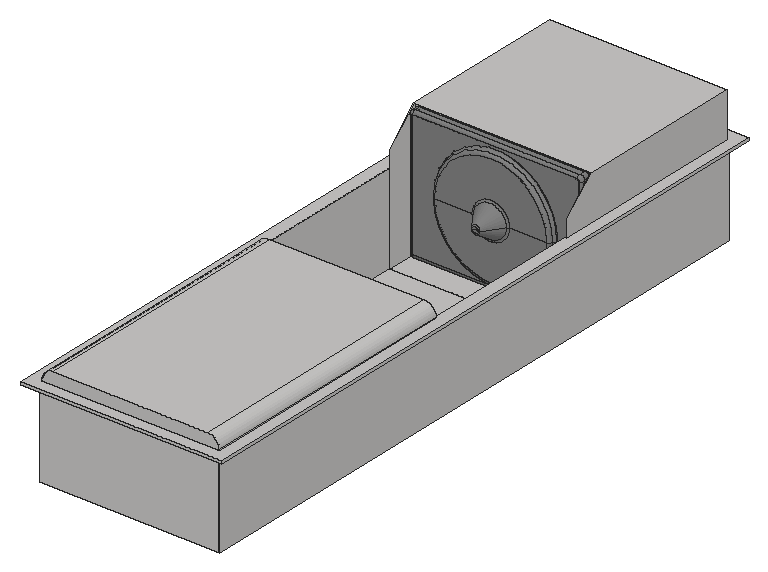
Revit family "Towel_Dispensers-Bradley_Corp-236", category Specialty Equipment, host Face, Revit 2012
Parameters (values of type "Recessed")
  Width = 17 1/8"
  Waste Recepticle Depth = 8 3/4"
  Warranty Information = "Complete unit, excepting mirrors warranted for one year.\r\n Stainless steel mirror frames for fifteen years.\r\n Plate glass mirrors for fifteen years.\r\n This warranty does not cover installation or any other labor charges and does not apply to any units,\r\n which have been damaged by accident, abuse, improper installation, improper maintenance, or altered in any way."
  Version = "2.0"
  URL = "http://www.bradleycorp.com/"
  Type Comments = "Recessed"
  Towel Lip Material = Plastic - Bradley Corp - ABS - Black
  Technical Data = ""
  Void Depth = 7 1/2"
  Specifications URL = "http://www.bradleycorp.com/3partspec"
  Push Flap Visibilty = 2"
  Push Flap Stamp Visibility = no
  Product Tech Data URL - Spanish = ""
  Product Tech Data URL - French = ""
  Product Tech Data URL - English = "http://bradleycorp.com/download/148/8103.pdf"
  OmniClass Table 23 Title = "Paper Towel Dispenser, Disposal Units"
  OmniClass Table 23 Number = "23-31 25 19 11"
  OmniClass Table 21 Title = "Toilet, Bath, and Laundry Accessories"
  OmniClass Table 21 Number = "21-03 10 90 40"
  Modeling Code = ""
  Model = "236-000000"
  MasterFormat Title = "Toilet Accessories"
  MasterFormat Number = "10 28 13. 13"
  Manufacturer = "Bradley Corporation"
  Industry Standards = ""
  Hinged Cover Visibility = no
  Height = 56"
  Fire Rating = "n/a"
  Description = "Towel Dispenser/Waste Receptacle"
  Depth of which projects = 4"
  Depth = 11 1/2"
  Default Elevation = 48"
  Copyright = "This Model Data is Property of Bradley Corporation"
  Cabinet Material = Bradley Corp Stainless Steel - Satin
  Buy American Act = "Yes"
  Assembly Code = "C1030200"
  ADA Compliant = "Yes"
Types (7): name | Waste Recepticle Depth | Type Comments | Void Depth | Model | Hinged Cover Visibility | Depth of which projects | Depth
  (no name) | 8 3/4" | "Recessed" | 7 1/2" | "236-000000" | no | 4" | 11 1/2"
  Recessed | 8 3/4" | "Recessed" | 7 1/2" | "236-000000" | no | 4" | 11 1/2"
  Semi-Recessed | 8 3/4" | "Semi-Recessed" | 3 5/8" | "236-100000" | no | 7 7/8" | 11 1/2"
  Surface-Mounted | 8 3/4" | "Surface-Mounted" | 1/128" | "236-110000" | no | 11 1/2" | 11 1/2"
  Recessed w/18 Gallon Waste | 13" | "Recessed" | 7 1/2" | "236-360000" | yes | 5 1/2" | 13"
  Semi-Recessed w/18 Gallon Waste | 13" | "Semi-Recessed" | 3 5/8" | "236-103600" | yes | 9 3/8" | 13"
  Surface-Mounted w/18 Gallon Waste | 13" | "Surface-Mounted" | 1/128" | "236-113600" | yes | 13" | 13"
Reference planes (in)
  plane 1 "Center (Front/Back)": y = 0
  plane 2: z = 0
  plane 3 "Center (Left/Right)": x = 0
  plane 4 "Waste Recepticle Front": z = 1.25
  plane 5 "Top": y = 28
  plane 6 "Left": x = 8.5625
  plane 7 "Bottom": y = -28
  plane 8 "Right": x = -8.5625
  plane 9 "Back": z = -7.5
  plane 10 "Panel": z = 0.25
  plane 11: z = -7.5
  plane 12 "Waste Top": y = -4
  plane 13: z = 0
  plane 14 "Door Bottom": y = 11
  plane 15 "Cupboard Front": z = 4
  plane 16 "Front": z = 4
  plane 17 "Dispenser Placer": z = -1.75
  plane 18 "Center (Elevation)": y = 9.70308
Forms (in)
  Extrusion 1, solid, material "Bradley Corp Stainless Steel - Satin" <- "Cabinet Material", detail levels medium+fine
    sketch origin (0, 0, 0) x (1, 0, 0) y (0, 1, 0)
      loop
        line (-8.5625, 28) -> (-8.5625, -28) -> (8.5625, -28) -> (8.5625, 28) -> (-8.5625, 28)
      loop
        line (-7.5625, 27) -> (-7.5625, -27) -> (7.5625, -27) -> (7.5625, 27) -> (-7.5625, 27)
    from 0 to 0.25
  Extrusion 2, void
    sketch origin (0, 0, 0) x (1, 0, 0) y (0, 1, 0)
      loop
        line (-7.875, 27.25) -> (-7.875, -27.25) -> (7.875, -27.25) -> (7.875, 27.25) -> (-7.875, 27.25)
    from 0 to -7.5
  Extrusion 3, solid, material "Bradley Corp Stainless Steel - Satin" <- "Cabinet Material", detail levels medium+fine
    sketch origin (0, 0, 0) x (1, 0, 0) y (0, 1, 0)
      loop
        line (-7.5625, -27) -> (7.5625, -27) -> (7.5625, 27) -> (-7.5625, 27) -> (-7.5625, -27)
      loop
        line (-7.625, -27.0625) -> (7.625, -27.0625) -> (7.625, 27.0625) -> (-7.625, 27.0625) -> (-7.625, -27.0625)
    from 0 to -7.5
  Extrusion 4, solid, material "Bradley Corp Stainless Steel - Satin" <- "Cabinet Material", detail levels medium+fine
    sketch origin (0, 0, 0) x (1, 0, 0) y (0, 1, 0)
      loop
        line (-7.625, 27.0625) -> (-7.625, -27.0625) -> (7.625, -27.0625) -> (7.625, 27.0625) -> (-7.625, 27.0625)
    from -7.5 to -7.4375
  Extrusion 5, solid, material "Bradley Corp Stainless Steel - Satin" <- "Cabinet Material", detail levels coarse+medium
    sketch origin (0, 0, 0) x (1, 0, 0) y (0, 0, 1)
      loop
        line (-7.5625, -7.4375) -> (7.5625, -7.4375) -> (7.5625, 1.25) -> (-7.5625, 1.25) -> (-7.5625, -7.4375)
      loop
        line (-7.5, 1.1875) -> (-7.5, -7.375) -> (7.5, -7.375) -> (7.5, 1.1875) -> (-7.5, 1.1875)
    from 4 to 27
  Extrusion 6, solid, material "Bradley Corp Stainless Steel - Satin" <- "Cabinet Material", detail levels coarse+medium
    sketch origin (0, 0, 0) x (1, 0, 0) y (0, 0, 1)
      loop
        line (-7.5625, 1.25) -> (-7.5625, -7.4375) -> (7.5625, -7.4375) -> (7.5625, 1.25) -> (-7.5625, 1.25)
    from 26.9375 to 27
  Extrusion 7, solid, material "Bradley Corp Stainless Steel - Satin" <- "Cabinet Material", detail levels fine
    sketch origin (0, 0, 0) x (0, 1, 0) y (0, 0, 1)
      loop
        line (12.56915, 4) -> (10, 1.599) -> (10, -7.5) -> (27, -7.5) -> (27, 4) -> (12.56915, 4)
    from 7.5625 to -7.5625
  Extrusion 8, void
    sketch origin (0, 0, 4) x (0, 1, 0) y (-1, 0, 0)
      loop
        line (12.56915, 7.5) -> (10, 7.5) -> (10, -7.5) -> (12.56915, -7.5) -> (12.56915, 7.5)
    from 0 to -11.4375
  Extrusion 9, solid, material "Bradley Corp Stainless Steel - Satin" <- "Cabinet Material", detail levels coarse+medium
    sketch origin (0, 0, 4) x (0, 1, 0) y (-1, 0, 0)
      loop
        line (27, 7.5625) -> (12.56915, 7.5625) -> (12.56915, -7.5625) -> (27, -7.5625) -> (27, 7.5625)
    from 0 to -11.4375
  Revolve 10, solid, material "Plastic - Bradley Corp - ABS - Black" <- "Towel Lip Material", detail levels fine
    sketch origin (0, 22.66385, -1.75) x (0, 1, 0) y (-1, 0, 0)
      loop
        line (-10.0947, 0) -> (-12.96077, 0) -> (-12.96077, -0.28626)
        arc (-12.96077, -0.28626) -> (-12.94435, -0.32147) -> (-12.91688, -0.34893) r 0.11185
        line (-12.91688, -0.34893) -> (-11.4513, -1.37515)
        arc (-11.4513, -1.37515) -> (-11.37301, -1.4621) -> (-11.3447, -1.57564) r 0.24184
        line (-11.3447, -1.57564) -> (-11.3447, -4.74912)
        arc (-11.3447, -4.74912) -> (-11.26602, -4.9267) -> (-11.08597, -4.99957) r 0.25886
        arc (-11.08597, -4.99957) -> (-10.91231, -5.07329) -> (-10.8447, -5.24942) r 0.24142
        line (-10.8447, -5.24942) -> (-10.0947, -5.24942) -> (-10.0947, 0)
      axis (-10.0947, 0) -> (-12.96077, 0)
    angle from 0 to 360
  Sweep 11, solid, material "Plastic - Bradley Corp - ABS - Black" <- "Towel Lip Material", detail levels fine
    path origin (0, 11, 0) x (-1, 0, 0) y (0, 0, 1)
      loop
        line (7.00015, 3.8) -> (-7.00015, 3.8)
        arc (-7.00015, 3.8) -> (-7.17682, 3.72682) -> (-7.25, 3.55015) r 0.24985
        line (-7.25, 3.55015) -> (-7.25, -6.97015)
        arc (-7.25, -6.97015) -> (-7.18268, -7.13268) -> (-7.02015, -7.2) r 0.22985
        line (-7.02015, -7.2) -> (7.02015, -7.2)
        arc (7.02015, -7.2) -> (7.18268, -7.13268) -> (7.25, -6.97015) r 0.22985
        line (7.25, -6.97015) -> (7.25, 3.55015)
        arc (7.25, 3.55015) -> (7.17682, 3.72682) -> (7.00015, 3.8) r 0.24985
    profile origin (0, 11, 3.8) x (0, 0, -1) y (0, 1, 0)
      loop
        line (-0.125, 1.56915) -> (-0.10723, 1.06043)
        arc (-0.10723, 1.06043) -> (-0.03658, 0.88985) -> (0.134, 0.81919) r 0.24123
        line (0.134, 0.81919) -> (0.134, 1.56915) -> (-0.125, 1.56915)
  Extrusion 12, solid, material "Plastic - Bradley Corp - ABS - Black", detail levels fine
    sketch origin (0, 11, 0) x (-1, 0, 0) y (0, 0, 1)
      loop
        line (7.00015, 3.666) -> (-7.00015, 3.666)
        arc (-7.00015, 3.666) -> (-7.08207, 3.63207) -> (-7.116, 3.55015) r 0.11585
        line (-7.116, 3.55015) -> (-7.116, -6.97015)
        arc (-7.116, -6.97015) -> (-7.08793, -7.03793) -> (-7.02015, -7.066) r 0.09585
        line (-7.02015, -7.066) -> (7.02015, -7.066)
        arc (7.02015, -7.066) -> (7.08793, -7.03793) -> (7.116, -6.97015) r 0.09585
        line (7.116, -6.97015) -> (7.116, 3.55015)
        arc (7.116, 3.55015) -> (7.08207, 3.63207) -> (7.00015, 3.666) r 0.11585
    from 0.81915 to 1.56915
  Extrusion 13, solid, material "Plastic - Bradley Corp - ABS - Black" <- "Towel Lip Material", detail levels medium
    sketch origin (0, 11, 0) x (-1, 0, 0) y (0, 0, 1)
      loop
        line (7.375, 3.925) -> (-7.375, 3.925) -> (-7.375, -7.325) -> (7.375, -7.325) -> (7.375, 3.925)
    from 0.81915 to 1.56915
  Revolve 14, solid, material "Plastic - Bradley Corp - ABS - Black" <- "Towel Lip Material", detail levels coarse+medium
    sketch origin (0, 22.66385, -1.75) x (0, 1, 0) y (-1, 0, 0)
      loop
        line (-12.96077, 0) -> (-12.96077, -0.28626) -> (-11.3447, -1.5) -> (-11.3447, -5) -> (-10.0947, -5) -> (-10.0947, 0) -> (-12.96077, 0)
      axis (-10.0947, 0) -> (-12.96077, 0)
    angle from 0 to 360
  Extrusion 15, solid, material "Bradley Corp Stainless Steel - Satin" <- "Cabinet Material", detail levels fine
    sketch origin (0, -28, 0) x (1, 0, 0) y (0, 0, 1)
      loop
        line (-7.5625, 0.25) -> (-7.5625, -7.4375) -> (7.5625, -7.4375) -> (7.5625, 0.25)
        arc (7.5625, 0.25) -> (7.26961, 0.95711) -> (6.5625, 1.25) r 1
        line (6.5625, 1.25) -> (-6.5625, 1.25)
        arc (-6.5625, 1.25) -> (-7.26961, 0.95711) -> (-7.5625, 0.25) r 1
    from -1 to -24
  Extrusion 16, void
    sketch origin (0, -28, 0) x (1, 0, 0) y (0, 0, 1)
      loop
        line (-7.5, 0.25) -> (-7.5, -7.375) -> (7.5, -7.375) -> (7.5, 0.25)
        arc (7.5, 0.25) -> (7.22541, 0.91291) -> (6.5625, 1.1875) r 0.9375
        line (6.5625, 1.1875) -> (-6.5625, 1.1875)
        arc (-6.5625, 1.1875) -> (-7.22541, 0.91291) -> (-7.5, 0.25) r 0.9375
    from -1.0625 to -28
Cuts and joins
  Extrusion 16 cuts Extrusion 1
  Extrusion 16 cuts Extrusion 3
  Extrusion 16 cuts Extrusion 4
  joined: Extrusion 1, Extrusion 3, Extrusion 4
  joined: Extrusion 5, Extrusion 6
  Extrusion 8 cuts Extrusion 7
  Extrusion 16 cuts Extrusion 15
Lines and regions (in)
  Masking region 1
    outline origin (0, -4, 0) x (0, 0, -1) y (-1, 0, 0)
      loop
        line (-0.25, -8.5625) -> (0, -8.5625) -> (0, 8.5625) -> (-0.25, 8.5625) -> (-0.25, 7.5625) -> (-4, 7.5625) -> (-4, -7.5625) -> (-0.25, -7.5625) -> (-0.25, -8.5625)
  Masking region 2
    outline origin (0, 0, 0) x (0, 1, 0) y (0, 0, 1)
      loop
        line (-28, 0.25) -> (-28, 0) -> (28, 0) -> (28, 0.25) -> (27, 0.25) -> (27, 4) -> (12.56915, 4) -> (10, 1.599) -> (10, 0.25) -> (-4, 0.25) -> (-4, 1.25) -> (-27, 1.25) -> (-27, 0.25) -> (-28, 0.25)
  Masking region 3
    outline origin (0, 22.66385, -1.75) x (0, 1, 0) y (-1, 0, 0)
      loop
        line (5.33615, 8.5625) -> (-50.66385, 8.5625) -> (-50.66385, -8.5625) -> (5.33615, -8.5625) -> (5.33615, 8.5625)
  model lines, detail levels medium+fine
    curve 1: line (8.5625, 28, 0) -> (-8.5625, 28, 0)
    curve 2: line (-8.5625, 28, 0) -> (-8.5625, -28, 0)
    curve 3: line (-8.5625, -28, 0) -> (8.5625, -28, 0)
    curve 4: line (8.5625, -28, 0) -> (8.5625, 28, 0)
    curve 5: circle (-6.7175, 19.738, 4) r 0.46051 normal (0, 0, 1)
  model lines, detail levels fine
    curve 6: circle (-6.7175, 19.738, 4) r 0.29903 normal (0, 0, 1)
  symbolic lines
    curve 7: line (7.5625, -4, 0.25) -> (-7.5625, -4, 0.25)
    curve 14: line (7.5625, -4, -1.75) -> (-7.5625, -4, -1.75)
  symbolic lines, detail levels medium+fine
    curve 8: line (0, -4, 0.25) -> (0, -27, 0.25)
    curve 9: line (0, 27, 0.25) -> (0, 10, 0.25)
    curve 10: line (-7.5625, 27, -1.75) -> (7.5625, 27, -1.75)
    curve 11: line (-7.5625, -27, -1.75) -> (-7.5625, 27, -1.75)
    curve 12: line (7.5625, -27, -1.75) -> (-7.5625, -27, -1.75)
    curve 13: line (7.5625, 27, -1.75) -> (7.5625, -27, -1.75)
    curve 15: arc (-5.24878, 11.81915, -1.75) -> (-5.0753, 11.7539, -1.75) -> (-5, 11.58454, -1.75) r 0.24006
    curve 16: arc (-5, 11.58454, -1.75) -> (-4.92929, 11.40011, -1.75) -> (-4.74912, 11.31915, -1.75) r 0.25902
    curve 17: line (-4.74912, 11.31915, -1.75) -> (-1.5, 11.31915, -1.75)
    curve 18: line (-1.5, 11.31915, -1.75) -> (-0.28626, 9.70308, -1.75)
    curve 19: line (-0.28626, 9.70308, -1.75) -> (0.28626, 9.70308, -1.75)
    curve 20: line (0.28626, 9.70308, -1.75) -> (1.5, 11.31915, -1.75)
    curve 21: line (1.5, 11.31915, -1.75) -> (4.74912, 11.31915, -1.75)
    curve 22: arc (4.74912, 11.31915, -1.75) -> (4.93385, 11.39994, -1.75) -> (4.99995, 11.59041, -1.75) r 0.2516
    curve 23: arc (4.99995, 11.59041, -1.75) -> (5.06695, 11.75216, -1.75) -> (5.22869, 11.81915, -1.75) r 0.22874
    curve 24: circle (-6.7175, 19.738, -1.75) r 0.46051 normal (0, 0, 1)
    curve 33: line (-7.375, 12.56915, -1.75) -> (-7.375, 11.81915, -1.75)
    curve 34: line (7.375, 11.81915, -1.75) -> (7.375, 12.56915, -1.75)
    curve 35: line (-7.5625, 12.56915, -1.75) -> (7.5625, 12.56915, -1.75)
    curve 36: line (-7.375, 12.56915, -1.75) -> (-7.375, 11.81915, -1.75)
    curve 37: line (-7.375, 11.81915, -1.75) -> (-5.24878, 11.81915, -1.75)
    curve 38: line (7.375, 11.81915, -1.75) -> (5.22869, 11.81915, -1.75)
  symbolic lines, detail levels fine
    curve 25: circle (-6.7175, 19.738, -1.75) r 0.29903 normal (0, 0, 1)
  symbolic lines, visible <- "Hinged Cover Visibility", detail levels medium+fine
    curve 26: arc (-6.5596, -4, 1.2503) -> (-4.2666, -4, 2.20009) -> (-3.31681, -4, 4.49309) r 3.24279
    curve 27: line (-3.31681, -4, 4.49309) -> (-3.31681, -4, 3.98708)
    curve 28: line (-6.5596, -4, 1.2503) -> (10.81304, -4, 1.2503)
    curve 29: arc (7.5625, -4, 4.5) -> (8.5144, -4, 2.2019) -> (10.8125, -4, 1.25) r 3.25
    curve 30: line (7.5625, -4, 4.5) -> (7.5625, -4, 4)
  symbolic lines, detail levels coarse
    curve 31: line (0, 9.70308, -1.75) -> (0, 12.56915, -1.75)
    curve 32: line (-7.5625, 12.56915, -1.75) -> (7.5625, 12.56915, -1.75)
Dimensions and locks (in)
  "Width": plane 8 "Right" to plane 6 "Left"
  "Height": plane 5 "Top" to plane 7 "Bottom"
  equal spacing: plane 7 "Bottom", plane 1 "Center (Front/Back)", plane 5 "Top"
  equal spacing: plane 8 "Right", plane 3 "Center (Left/Right)", plane 6 "Left"
  plane 8 "Right" to Extrusion 1 sketch curve = 1"
  Extrusion 1 sketch curve to plane 6 "Left" = 1"
  Extrusion 1 sketch curve to plane 7 "Bottom" = 1"
  locked: Extrusion 2 sketch curve to Extrusion 2 sketch curve at 15.75
  equal spacing: Extrusion 2 sketch curve, plane 3 "Center (Left/Right)", Extrusion 2 sketch curve
  locked: Extrusion 2 sketch curve to Extrusion 2 sketch curve at 54.5
  equal spacing: Extrusion 2 sketch curve, plane 1 "Center (Front/Back)", Extrusion 2 sketch curve
  Extrusion 3 sketch curve to Extrusion 3 sketch curve = 1/16"  (x3)
  locked: Extrusion 4 to plane 9 "Back" at 0.0625
  "Void Depth": cut or joined group of Extrusion 1, Extrusion 3, Extrusion 4, Extrusion 16 to plane 2
  "Void Depth": plane 2 to plane 11
  plane 8 "Right" to Extrusion 5 sketch curve = 1"
  plane 6 "Left" to Extrusion 5 sketch curve = 1"
  locked: Extrusion 5 sketch curve to plane 9 "Back" at 0.0625
  locked: plane 4 "Waste Recepticle Front" to Extrusion 5 sketch curve at 0.0625
  locked: Extrusion 5 sketch curve to plane 9 "Back" at 0.125
  locked: plane 8 "Right" to Extrusion 5 sketch curve at 1.0625
  locked: plane 6 "Left" to Extrusion 5 sketch curve at 1.0625
  locked: plane 12 "Waste Top" to plane 7 "Bottom" at 24
  locked: plane 10 "Panel" to plane 9 "Back" at 7.75
  locked: plane 10 "Panel" to plane 13 at 0.25
  locked: plane 15 "Cupboard Front" to plane 9 "Back" at 11.5
  locked: plane 5 "Top" to Extrusion 7 sketch curve at 1
  locked: plane 5 "Top" to plane 14 "Door Bottom" at 17
  locked: plane 14 "Door Bottom" to Extrusion 7 sketch curve at 1
  locked: Extrusion 1 sketch curve to plane 5 "Top" at 1
  locked: Extrusion 3 sketch curve to Extrusion 3 sketch curve at 0.0625
  Extrusion 8 sketch curve to plane 14 "Door Bottom" to Extrusion 8 sketch curve = 1" locked, 1.56915" locked
  locked: plane 8 "Right" to Extrusion 8 sketch curve at 1.0625
  locked: Extrusion 8 sketch curve to plane 6 "Left" at 1.0625
  locked: Extrusion 8 to plane 9 "Back" at 0.0625
  "Depth": plane 16 "Front" to plane 9 "Back"
  "Depth of which projects": plane 16 "Front" to plane 2
  "Waste Recepticle Depth": plane 4 "Waste Recepticle Front" to plane 9 "Back"
  locked: Extrusion 9 sketch curve to plane 5 "Top" at 1
  locked: Extrusion 9 sketch curve to plane 14 "Door Bottom" at 1.56915
  locked: plane 8 "Right" to Extrusion 9 sketch curve at 1
  locked: Extrusion 9 sketch curve to plane 6 "Left" at 1
  equal spacing: plane 15 "Cupboard Front", plane 17 "Dispenser Placer", plane 9 "Back"
  equal spacing: Sweep 11 sketch curve, plane 3 "Center (Left/Right)", Sweep 11 sketch curve
  locked: Sweep 11 sketch curve to plane 17 "Dispenser Placer" at 5.55
  locked: Sweep 11 sketch curve to Sweep 11 sketch curve at 11
  locked: plane 8 "Right" to Extrusion 15 sketch curve at 1
  locked: plane 6 "Left" to Extrusion 15 sketch curve at 1
  locked: Extrusion 15 sketch curve to plane 9 "Back" at 0.0625
  locked: plane 4 "Waste Recepticle Front" to Extrusion 15 sketch curve
  locked: plane 4 "Waste Recepticle Front" to Extrusion 16 sketch curve at 0.0625
  locked: Extrusion 16 sketch curve to plane 9 "Back" at 0.125
  locked: plane 8 "Right" to Extrusion 16 sketch curve at 1.0625
  plane 6 "Left" to Extrusion 16 sketch curve = 1 1/16"
  locked: Extrusion 16 to Extrusion 15 at 0.0625
  radius of Extrusion 15 sketch curve = 1"  (x2)
  radius of Extrusion 16 sketch curve = 15/16"  (x2)
  aligned and locked: plane 2 to host face
  aligned and locked: level to host face
  aligned and locked: plane 8 "Right" to Extrusion 1 sketch curve
  aligned and locked: Extrusion 1 sketch curve to plane 5 "Top"
  aligned and locked: plane 7 "Bottom" to Extrusion 1 sketch curve
  aligned and locked: Extrusion 1 sketch curve to plane 6 "Left"
  aligned and locked: Extrusion 1 to plane 2
  aligned and locked: plane 10 "Panel" to Extrusion 1
  aligned and locked: Extrusion 3 sketch curve to Extrusion 1  (x3)
  aligned and locked: Extrusion 3 to plane 2
  aligned and locked: Extrusion 4 sketch curve to cut or joined group of Extrusion 1, Extrusion 3, Extrusion 4, Extrusion 16  (x3)
  aligned and locked: cut or joined group of Extrusion 1, Extrusion 3, Extrusion 4, Extrusion 16 to Extrusion 4 sketch curve
  aligned and locked: Extrusion 4 to plane 9 "Back"
  aligned and locked: Extrusion 2 to plane 11
  aligned and locked: plane 4 "Waste Recepticle Front" to Extrusion 5 sketch curve
  aligned and locked: Extrusion 5 to cut or joined group of Extrusion 1, Extrusion 3, Extrusion 4, Extrusion 16
  aligned and locked: Extrusion 6 sketch curve to Extrusion 5  (x3)
  aligned and locked: Extrusion 6 sketch curve to cut or joined group of Extrusion 1, Extrusion 3, Extrusion 4, Extrusion 16
  aligned and locked: Extrusion 6 to cut or joined group of Extrusion 1, Extrusion 3, Extrusion 4, Extrusion 16
  aligned and locked: plane 12 "Waste Top" to cut or joined group of Extrusion 5, Extrusion 6
  aligned and locked: curve 3 to plane 13
  aligned and locked: plane 13 to curve 1
  aligned and locked: curve 2 to plane 13
  aligned and locked: curve 4 to plane 13
  aligned and locked: Extrusion 7 sketch curve to plane 15 "Cupboard Front"
  aligned and locked: plane 9 "Back" to Extrusion 7 sketch curve
  aligned and locked: Extrusion 3 sketch curve to cut or joined group of Extrusion 1, Extrusion 3, Extrusion 4, Extrusion 16
  aligned and locked: Extrusion 9 to cut or joined group of Extrusion 1, Extrusion 3, Extrusion 4, Extrusion 16
  aligned and locked: plane 15 "Cupboard Front" to Extrusion 9
  aligned and locked: Extrusion 12 to Revolve 10
  aligned and locked: cut or joined group of Extrusion 7, Extrusion 8 to Extrusion 12
  aligned and locked: Extrusion 13 sketch curve to Sweep 11  (x4)
  aligned and locked: Extrusion 13 to Revolve 10
  aligned and locked: cut or joined group of Extrusion 7, Extrusion 8 to Extrusion 13
  aligned and locked: cut or joined group of Extrusion 1, Extrusion 3, Extrusion 4, Extrusion 16 to Extrusion 15
  aligned and locked: plane 12 "Waste Top" to Extrusion 15
  aligned and locked: Extrusion 16 to plane 1 "Center (Front/Back)"
  aligned and locked: Masking region 1 sketch curve to cut or joined group of Extrusion 1, Extrusion 3, Extrusion 4, Extrusion 16  (x3)
  aligned and locked: host face to Masking region 1 sketch curve
  aligned and locked: Masking region 2 sketch curve to cut or joined group of Extrusion 1, Extrusion 3, Extrusion 4, Extrusion 16  (x2)
  aligned and locked: cut or joined group of Extrusion 1, Extrusion 3, Extrusion 4, Extrusion 16 to Masking region 2 sketch curve  (x2)
  aligned and locked: Masking region 2 sketch curve to cut or joined group of Extrusion 5, Extrusion 6  (x2)
  aligned and locked: cut or joined group of Extrusion 5, Extrusion 6 to Masking region 2 sketch curve
  aligned and locked: Masking region 2 sketch curve to cut or joined group of Extrusion 7, Extrusion 8  (x2)
  aligned and locked: Masking region 2 sketch curve to Extrusion 9
  aligned and locked: Extrusion 9 to Masking region 2 sketch curve
  aligned and locked: host face to Masking region 2 sketch curve
  aligned and locked: Masking region 3 sketch curve to curve 1
  aligned and locked: Masking region 3 sketch curve to curve 2
  aligned and locked: Masking region 3 sketch curve to curve 3
  aligned and locked: Masking region 3 sketch curve to curve 4
  aligned and locked: Masking region 1 sketch curve to cut or joined group of Extrusion 5, Extrusion 6
  aligned and locked: Masking region 1 sketch curve to plane 15 "Cupboard Front"
  aligned and locked: Masking region 1 sketch curve to curve 7
Automatic sketch dimensions
  host sketch curve to host sketch curve = 23.29128"
  host sketch curve to host sketch curve = 67.82107"
  curve 1 to Extrusion 1 = 0"  (x2)
  curve 2 to Extrusion 1 = 0"  (x2)
  curve 3 to Extrusion 1 = 0"  (x2)
  curve 4 to Extrusion 1 = 0"  (x2)
  plane 14 "Door Bottom" to Extrusion 7 sketch curve = 1.56915"
  plane 10 "Panel" to Extrusion 7 sketch curve = 1.349"
  curve 5 to curve 6 = 0"  (x2)
  curve 6 to plane 8 "Right" = 1.845"
  curve 6 to plane 5 "Top" = 8.262"
  Revolve 10 sketch curve to plane 3 "Center (Left/Right)" = 0"  (x2)
  Revolve 10 sketch curve to plane 14 "Door Bottom" = 2.93085"
  Revolve 10 sketch curve to plane 14 "Door Bottom" = 1.29692"
  Revolve 10 sketch curve to Revolve 10 sketch curve = 0.04388"
  Revolve 10 sketch curve to Revolve 10 sketch curve = 0.10804"
  plane 14 "Door Bottom" to Revolve 10 sketch curve = 0.07731"
  plane 14 "Door Bottom" to Revolve 10 sketch curve = 0.21255"
  Revolve 10 sketch curve to Revolve 10 sketch curve = 0.10661"
  Revolve 10 sketch curve to Revolve 10 sketch curve = 0.25872"
  Revolve 10 sketch curve to Revolve 10 sketch curve = 0.24128"
  Revolve 10 sketch curve to Revolve 10 sketch curve = 3/4"
  Revolve 10 sketch curve to Revolve 10 sketch curve = 1 3/4"
  plane 3 "Center (Left/Right)" to Revolve 10 sketch curve = 0.25731"
  Revolve 10 sketch curve to Revolve 10 sketch curve = 0.02895"
  plane 3 "Center (Left/Right)" to Revolve 10 sketch curve = 1.37515"
  Revolve 10 sketch curve to Revolve 10 sketch curve = 3.16507"
  Revolve 10 sketch curve to Revolve 10 sketch curve = 0.0084"
  Revolve 10 sketch curve to Revolve 10 sketch curve = 0"
  Revolve 10 sketch curve to Revolve 10 sketch curve = 0.24142"
  Sweep 11 sketch curve to Sweep 11 sketch curve = 0.24985"
  Sweep 11 sketch curve to Sweep 11 sketch curve = 0.22985"  (x2)
  Sweep 11 sketch curve to plane 8 "Right" = 1.56235"
  profile plane to Sweep 11 sketch curve = 0.10723"
  profile plane to Sweep 11 sketch curve = 1/8"
  Sweep 11 sketch curve to profile plane = 0.134"
  plane 14 "Door Bottom" to Sweep 11 sketch curve = 0.81919"
  Sweep 11 sketch curve to Sweep 11 sketch curve = 0.50872"
  Sweep 11 sketch curve to plane 15 "Cupboard Front" = 0.44985"
  Extrusion 12 sketch curve to plane 15 "Cupboard Front" = 0.44985"
  Extrusion 12 sketch curve to plane 6 "Left" = 1.4465"
  Extrusion 12 sketch curve to Extrusion 12 sketch curve = 0.09585"
  Extrusion 12 sketch curve to Extrusion 12 sketch curve = 0.11585"  (x2)
  Extrusion 12 sketch curve to plane 8 "Right" = 1.56235"
  plane 9 "Back" to Extrusion 12 sketch curve = 0.434"
  Extrusion 12 sketch curve to plane 8 "Right" = 1.54235"
  Revolve 14 sketch curve to plane 3 "Center (Left/Right)" = 0"  (x2)
  Revolve 14 sketch curve to plane 14 "Door Bottom" = 2.68085"
  Revolve 14 sketch curve to plane 14 "Door Bottom" = 1.29692"
  plane 14 "Door Bottom" to Revolve 14 sketch curve = 0.31915"
  plane 14 "Door Bottom" to Revolve 14 sketch curve = 1.56915"
  Revolve 14 sketch curve to Revolve 14 sketch curve = 1 1/4"
  plane 3 "Center (Left/Right)" to Revolve 14 sketch curve = 0.28626"
  plane 3 "Center (Left/Right)" to Revolve 14 sketch curve = 1 1/2"
  Revolve 14 sketch curve to Revolve 14 sketch curve = 3 1/2"
  Masking region 2 sketch curve to plane 10 "Panel" = 0"
  curve 8 to plane 10 "Panel" = 0"
  curve 8 to plane 12 "Waste Top" = 0"
  curve 9 to plane 10 "Panel" = 0"
  curve 8 to plane 7 "Bottom" = 1"
  plane 18 "Center (Elevation)" to curve 9 = 0.29692"
  curve 9 to plane 5 "Top" = 1"
  Masking region 1 sketch curve to plane 10 "Panel" = 0"
  curve 29 to plane 4 "Waste Recepticle Front" = 0"
  curve 30 to plane 15 "Cupboard Front" = 0"
  curve 7 to plane 10 "Panel" = 0"
  plane 4 "Waste Recepticle Front" to curve 28 = 0.0003"
  plane 15 "Cupboard Front" to curve 29 = 1/2"
  plane 15 "Cupboard Front" to curve 26 = 0.49309"
  curve 27 to plane 15 "Cupboard Front" = 0.01292"
  curve 7 to plane 6 "Left" = 1"
  curve 30 to plane 6 "Left" = 1"
  curve 28 to curve 29 = 0.00054"
  curve 26 to plane 8 "Right" = 2.0029"
  curve 7 to plane 8 "Right" = 1"
  curve 24 to curve 25 = 0"  (x2)
  curve 14 to plane 12 "Waste Top" = 0"
  curve 31 to plane 3 "Center (Left/Right)" = 0"
  curve 31 to plane 18 "Center (Elevation)" = 0"
  curve 12 to plane 7 "Bottom" = 1"
  plane 14 "Door Bottom" to curve 22 = 0.31915"
  plane 14 "Door Bottom" to curve 18 = 0.31915"
  curve 21 to curve 22 = 0.2516"
  curve 16 to curve 16 = 0.2589"
  curve 16 to curve 15 = 0.0012"
  curve 15 to curve 16 = 0.00529"
  curve 22 to curve 23 = 0.01966"
  curve 15 to curve 15 = 0.2399"
  curve 23 to curve 38 = 0.22874"
  curve 33 to curve 32 = 3/4"
  curve 35 to curve 32 = 0"
  curve 24 to plane 8 "Right" = 1.845"
  curve 33 to curve 24 = 7.16885"
  curve 11 to plane 5 "Top" = 1"
  plane 3 "Center (Left/Right)" to curve 20 = 0.28626"
  plane 3 "Center (Left/Right)" to curve 20 = 1 1/2"
  curve 21 to curve 20 = 3.24912"
  curve 38 to plane 6 "Left" = 1 3/16"
  curve 13 to plane 6 "Left" = 1"
  curve 31 to curve 18 = 0.28626"
  curve 17 to plane 3 "Center (Left/Right)" = 1 1/2"
  curve 17 to curve 16 = 3.24106"
  curve 16 to curve 17 = 0.00806"
  curve 15 to curve 15 = 0.24001"
  curve 33 to plane 8 "Right" = 1 3/16"
  curve 33 to curve 35 = 3/16"
  radius of curve 5 = 0.46051"
  radius of curve 6 = 0.29903"
  radius of curve 24 = 0.46051"
  radius of curve 25 = 0.29903"
